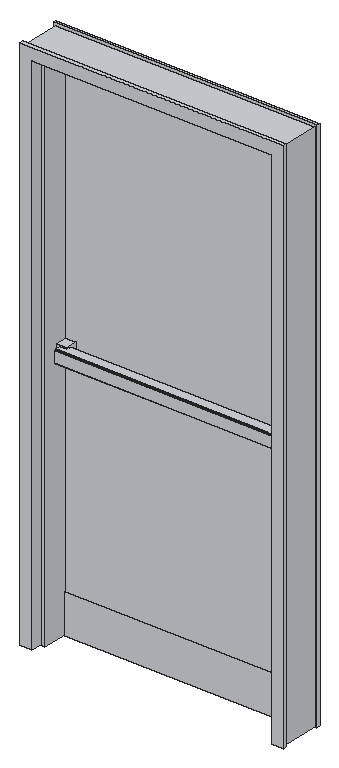
Revit family "BG_DOR_Swing-Single", category Doors, host Wall, Revit 2020
Family settings
  Host = Wall
  OmniClass Number = 23.30.10.00
  OmniClass Title = Doors
  Always vertical = Yes
  Cut with Voids When Loaded = No
  Shared = No
  Room Calculation Point = No
Parameters (values of type "D.SGL - 920x2040")
  Throat I [instance] = (BG_DIM_HostThickness1 / 2) + BG_DIMd_ThroatOffsetI  # 75 mm
  Throat E [instance] = (BG_DIM_HostThickness1 / 2) + BG_DIMd_ThroatOffsetE  # 75 mm
  Panic bar [instance] = yes
  Hinge gap = 3 mm
  Hinge count [instance] = 3
  Function = Interior
  Height = BG_DIMd_LeafHeight1 + BG_DIMd_FrameWidth1  # 2080 mm
  Wall Closure = By host
  Width = BG_DIMd_LeafWidth1 + (2 * BG_DIMd_FrameWidth1)  # 1000 mm
  Frame type [instance] = BG_DORc_DoorFrame-DoubleRebate : Double Rebate
  Closer [instance] = yes
  BG_MATd_ProtectionInt1 [instance] = none
  BG_MATd_ProtectionExt1 [instance] = none
  BG_MATd_LeafInt1 [instance] = none
  BG_MATd_LeafExt1 [instance] = none
  BG_MATd_LeafCore1 = none
  BG_MATd_Hardware1 = none
  BG_MATd_Frame1 = none
  BG_DIMd_Undercut1 [instance] = 0 mm
  BG_DIMd_ThroatOffsetI [instance] = 0 mm
  BG_DIMd_ThroatOffsetE [instance] = 0 mm
  BG_DIMd_Swing3DAngle1 [instance] = 0.00°
  BG_DIMd_ProtectionHeightInt1 [instance] = 150 mm
  BG_DIMd_ProtectionHeightExt1 [instance] = 150 mm
  BG_DIMd_LeafWidth1 = 920 mm
  BG_DIMd_LeafThickness1 = 40 mm
  BG_DIMd_LeafHeight1 = 2040 mm
  BG_DIMd_HandleMountingHeight1 = 1000 mm
  BG_DIMd_HandleInset1 = 50 mm
  BG_DIMd_FrameWidth1 = 40 mm
  BG_DIM_HostThickness1 [instance] = 150 mm
Reference planes
  plane 1: y = 0
  plane 2 "Center (Left/Right)": x = 0
  plane 3 "Left": x = -500
  plane 4 "Right": x = 500
  plane 5: z = 2080
  plane 6 "Exterior": y = 75
  plane 7 "Interior": y = -75
  plane 8: y = 75
  plane 9: y = 87
  plane 10: y = 47
  plane 11 "2": x = 460
  plane 12 "3": x = 463
Lines and regions (mm)
  Opening 1
    outline origin (-3050, -75, 0) x (1, 0, 0) y (0, 0, 1)
      loop
        line (2550, 0) -> (3550, 0) -> (3550, 2080) -> (2550, 2080) -> (2550, 0)
  symbolic lines, style "Elevation Swing"
    curve 1: line (500, -75, 1040) -> (-500, -75, 2080)
    curve 2: line (500, -75, 1040) -> (-500, -75, 0)
Text (mm)
  text "Exterior" at (-2295.016, 1099.543, 0), in view "Ref. Level"
  text "Exterior" at (0, 1615.38, 3698.081), in view "Left"
  text "Exterior" at (0, 1036.032, 3874.932), in view "Right"
Dimensions and locks
  equal spacing: plane 3 "Left", plane 2 "Center (Left/Right)", plane 4 "Right"
  "Width": plane 3 "Left" to plane 4 "Right"
  "Height": plane 5 to host wall
  equal spacing: host wall, curve 2, plane 5
  host wall to plane 5 = 2080 mm
  locked: plane 6 "Exterior" to host wall
  locked: plane 7 "Interior" to host wall
  "BG_DIM_HostThickness1": host wall to host wall
  "BG_DIMd_LeafThickness1": plane 9 to plane 10
  locked: plane 9 to plane 8 at 12
  "BG_DIMd_ThroatOffsetE": plane 8 to plane 6 "Exterior"
  "BG_DIMd_FrameWidth1": plane 11 "2" to plane 4 "Right"
  "Hinge gap": plane 11 "2" to plane 12 "3"
  aligned and locked: plane 3 "Left" to Opening 1 sketch curve
  aligned and locked: plane 5 to Opening 1 sketch curve  (x2)
  aligned and locked: Opening 1 sketch curve to plane 4 "Right"
  aligned and locked: Opening 1 sketch curve to level
  aligned and locked: plane 5 to curve 1
  aligned and locked: plane 3 "Left" to curve 2
  aligned and locked: plane 1 to host wall
  aligned and locked: plane 3 "Left" to curve 1
  aligned and locked: plane 4 "Right" to nested 1
  aligned and locked: plane 1 to nested 1
  aligned and locked: nested 2 to plane 12 "3"
  aligned and locked: nested 2 to plane 9
  aligned and locked: nested 3 to plane 12 "3"
  aligned and locked: nested 3 to plane 9
Automatic sketch dimensions
  plane 4 "Right" to curve 2 = 0 mm
  curve 2 to level = 0 mm
Nested families
  nested 1: "BG_DORc_DoorFrame-DoubleRebate" at (500, 0, 0), Finish <- "BG_MATd_Frame1", Width <- "Width", Height <- "Height", Frame width <- "BG_DIMd_FrameWidth1", type <- "Frame type", Throat E <- "Throat E", Throat I <- "Throat I", Door rebate <- "BG_DIMd_LeafThickness1", Hinge gap <- "Hinge gap", type "Double Rebate"
    with Width 1000 mm, Trim projection V 12 mm, Trim projection H 10 mm, Throat I 75 mm, Throat E 75 mm, Hinge gap 3 mm, Height 2080 mm, Frame width 40 mm, Finish none, Door rebate 40 mm
  nested 2: "BG_DORc_HingeSet-Type1" at (463, 87, 0), Finish <- "BG_MATd_Frame1", Height <- "BG_DIMd_LeafHeight1", Hinge depth <- "BG_DIMd_LeafThickness1", Joint width <- "Hinge gap", Hinge count <- "Hinge count", Angle <- "BG_DIMd_Swing3DAngle1", type "Hinge set", detail levels fine
    with Joint width 3 mm, Hinge thickness 1.5 mm, Hinge spacing 870 mm, Hinge inset 150 mm, Hinge depth 40 mm, Hinge count override 3, Hinge count 3, Height 2040 mm, Finish none, Angle 0.00°
  nested 3: "BG_DORc_Leaf-Type1" at (461.5, 87, 0), Height <- "BG_DIMd_LeafHeight1", Open angle <- "BG_DIMd_Swing3DAngle1", Undercut <- "BG_DIMd_Undercut1", Width <- "BG_DIMd_LeafWidth1", External finish <- "BG_MATd_LeafExt1", Internal finish <- "BG_MATd_LeafInt1", Protection finish ext <- "BG_MATd_ProtectionExt1", Protection finish int <- "BG_MATd_ProtectionInt1", Protection height ext <- "BG_DIMd_ProtectionHeightExt1", Protection height int <- "BG_DIMd_ProtectionHeightInt1", Hardware finish <- "BG_MATd_Hardware1", Handle height <- "BG_DIMd_HandleMountingHeight1", Handle inset <- "BG_DIMd_HandleInset1", Closer <- "Closer", Panic bar <- "Panic bar", type "BG_DORc_Leaf-Type1"
    with Width 920 mm, Undercut 0 mm, Protection height int 150 mm, Protection height ext 150 mm, Protection finish int none, Protection finish ext none, Panic bar yes, Open angle 0.00°, Not panic bar no, Internal finish none, Height 2040 mm, Hardware finish none, Handle inset 50 mm, Handle height 1000 mm, External finish none, Closer yes
Definition of nested family "BG_DORc_DoorFrame-DoubleRebate"
  Parameters (values of type "Double Rebate")
    Width [instance] = 920 mm
    Trim projection V [instance] = 12 mm
    Trim projection H [instance] = 10 mm
    Throat I [instance] = 50 mm
    Throat E [instance] = 50 mm
    Hinge gap [instance] = 3 mm
    Height [instance] = 2040 mm
    Frame width [instance] = 40 mm
    Finish [instance] = none
    Door rebate [instance] = 40 mm
    Default Elevation = 1219.2 mm
  Reference planes
    plane 1 "Center (Front/Back)": y = 0
    plane 2: z = 0
    plane 3 "Right": x = 0
    plane 4 "Left": x = -920
    plane 5: z = 2040
  Forms (mm)
    Sweep 1, solid, material <- "Finish"
      path origin (0, 0, 0) x (1, 0, 0) y (0, 0, 1)
        loop
          line (-920, 0) -> (-920, 2040) -> (0, 2040) -> (0, 0)
      profile "BG_PRF_DoorFrame-DoubleRebate : Double rebate" origin (-920, 0, 1020) x (-1, 0, 0) y (0, -1, 0)
        loop
          line (10, 62) -> (-37, 62) -> (-37, 22) -> (-55.541, 22) -> (-55.541, -22) -> (-37, -22) -> (-37, -62) -> (10, -62) -> (10, -50) -> (0, -50) -> (0, 50) -> (10, 50) -> (10, 62)
  Dimensions and locks
    "Width": plane 4 "Left" to plane 3 "Right"
    "Height": plane 5 to level
    aligned and locked: level to plane 2
    aligned and locked: Sweep 1 sketch curve to plane 4 "Left"
    aligned and locked: Sweep 1 sketch curve to plane 5
    aligned and locked: Sweep 1 sketch curve to plane 3 "Right"
    aligned and locked: level to Sweep 1 sketch curve  (x2)
Definition of nested family "BG_DORc_HingeSet-Type1"
  Parameters (values of type "Hinge set")
    Joint width [instance] = 3 mm
    Hinge thickness [instance] = Joint width / 2  # 1.5 mm
    Hinge spacing [instance] = (Height - (2 * Hinge inset)) / (Hinge count override - 1)  # 780.766 mm
    Hinge inset [instance] = 239.234 mm
    Hinge height = 75 mm
    Hinge depth [instance] = 35 mm
    Hinge count override [instance] = if(Hinge count < 2, 2, Hinge count)  # 3
    Hinge count [instance] = 3
    Height [instance] = 2040 mm
    Finish [instance] = none
    Default Elevation = 1219.2 mm
    Angle [instance] = 45.00°
  Reference planes
    plane 1 "Center (Front/Back)": y = 0
    plane 2: z = 0
    plane 3 "Center (Left/Right)": x = 0
    plane 4: z = 239.234
    plane 5: z = 2040
    plane 6: z = 1020
  Lines and regions (mm)
    model lines
      curve 1: line (0, 0, 0) -> (0, 0, 2040)
  Dimensions and locks
    "Height": plane 5 to level
    "Hinge inset": plane 4 to level
    "Hinge spacing": plane 6 to plane 4
    equal spacing: group 1, group 2, group 3  (x3)
    aligned and locked: level to plane 2
    aligned and locked: plane 4 to nested 1
    aligned and locked: plane 6 to nested 2
    aligned and locked: plane 3 "Center (Left/Right)" to nested 1
    aligned and locked: plane 3 "Center (Left/Right)" to nested 2
    aligned and locked: plane 1 "Center (Front/Back)" to nested 1
    aligned and locked: plane 1 "Center (Front/Back)" to nested 2
    aligned and locked: plane 5 to curve 1
    aligned and locked: level to curve 1
    aligned and locked: plane 3 "Center (Left/Right)" to curve 1
  Nested families
    nested 1: "BG_DORc_Hinge-Type1" at (-1.5, 0, 239.234), Open angle <- "Angle", type "Hinge"
      with Open angle 45.00°, Hinge depth 35 mm, Height 75 mm
    nested 2: "BG_DORc_Hinge-Type1" at (-1.5, 0, 1020), Open angle <- "Angle", type "Hinge"
      with Open angle 45.00°, Hinge depth 35 mm, Height 75 mm
    nested 3: "BG_DORc_Hinge-Type1" at (-1.5, 0, 1800.766), Open angle <- "Angle", type "Hinge"
      with Open angle 45.00°, Hinge depth 35 mm, Height 75 mm
  Definition of nested family "BG_DORc_Hinge-Type1"
    Parameters (values of type "BG_DORc_Hinge-Type1")
      Width = 0 mm  # constant formula
      Rough Width = 0 mm  # constant formula
      Rough Height = 0 mm  # constant formula
      Open angle [instance] = 30.00°
      Hinge thickness = 1.5 mm
      Hinge depth = 40 mm
      Height = 100 mm
      Finish = none
      Default Elevation = 1219.2 mm
    Reference planes
      plane 1 "Front": y = 0
      plane 2 "Center (Elevation)": z = 0
      plane 3 "Center (Left/Right)": x = 0
      plane 4 "Right": x = 1.5
      plane 5: y = -40
      plane 6: z = 50
      plane 7: z = -50
    Forms (mm)
      Extrusion 1, solid, material <- "Finish"
        sketch origin (0, 0, 0) x (0, 1, 0) y (-1, 0, 0)
          loop
            line (0.75, 1.299) -> (-33.891, 21.299) -> (-34.641, 20) -> (0, 0) -> (0.75, 1.299)
        from -50 to 50
      Extrusion 2, solid, material <- "Finish"
        sketch origin (0, 0, 0) x (1, 0, 0) y (0, 1, 0)
          loop
            line (1.5, -40) -> (1.5, 0)
            arc (1.5, 0) -> (1.061, -1.061) -> (0, -1.5) r 1.5
            line (0, -1.5) -> (0, -40) -> (1.5, -40)
        from -50 to 50
      Extrusion 3, solid, material <- "Finish"
        sketch origin (0, 0, 0) x (1, 0, 0) y (0, 1, 0)
          loop
            circle (0, 0) r 1.5
        from -50 to 50
    Cuts and joins
      joined: Extrusion 1, Extrusion 3
    Lines and regions (mm)
      reference lines
        curve 1: line (0, 0, 0) -> (1.5, 0, 0)
        curve 2: line (0, 0, 0) -> (-20, -34.641, 0)
        curve 3: line (0, 0, 0) -> (-1.299, 0.75, 0)
        curve 4: line (-1.299, 0.75, 0) -> (-21.299, -33.891, 0)
        curve 5: line (-20, -34.641, 0) -> (-21.299, -33.891, 0)
    Dimensions and locks
      "Hinge thickness": curve 2 to curve 4
      "Hinge thickness": plane 3 "Center (Left/Right)" to plane 4 "Right"
      "Hinge depth": plane 1 "Front" to plane 5
      "Hinge depth": curve 3 to curve 5
      equal spacing: plane 6, level, plane 7
      "Height": plane 6 to plane 7
      "Hinge thickness": radius of Extrusion 3 sketch curve
      "Hinge thickness": radius of Extrusion 2 sketch curve
      locked: cut or joined group of Extrusion 1, Extrusion 3 to cut or joined group of Extrusion 1, Extrusion 3 (angle 90.00°)
      locked: cut or joined group of Extrusion 1, Extrusion 3 to curve 3 (angle 90.00°)
      "Open angle": angle curve 4 to plane 3 "Center (Left/Right)"
      aligned and locked: level to plane 2 "Center (Elevation)"
      aligned and locked: plane 3 "Center (Left/Right)" to curve 1
      aligned and locked: plane 1 "Front" to curve 1
      aligned and locked: Extrusion 2 sketch curve to plane 4 "Right"
      aligned and locked: Extrusion 2 sketch curve to plane 5
      aligned and locked: plane 4 "Right" to curve 1
      aligned and locked: plane 1 "Front" to Extrusion 3 sketch curve
      aligned and locked: plane 3 "Center (Left/Right)" to Extrusion 2 sketch curve  (x2)
      aligned and locked: plane 3 "Center (Left/Right)" to Extrusion 3 sketch curve
      aligned and locked: plane 1 "Front" to Extrusion 2 sketch curve
      aligned and locked: plane 6 to Extrusion 1
      aligned and locked: plane 6 to Extrusion 3
      aligned and locked: plane 6 to Extrusion 2
      aligned and locked: plane 7 to Extrusion 1
      aligned and locked: plane 7 to Extrusion 2
      aligned and locked: plane 7 to Extrusion 3
      aligned and locked: Extrusion 1 sketch curve to curve 4
      aligned and locked: Extrusion 1 sketch curve to curve 2
      aligned and locked: Extrusion 1 sketch curve to curve 5
      aligned and locked: Extrusion 1 sketch curve to curve 3
Definition of nested family "BG_DORc_Leaf-Type1"
  Parameters (values of type "BG_DORc_Leaf-Type1")
    Width [instance] = 920 mm
    Undercut [instance] = 0 mm
    Rough Width = 0 mm  # constant formula
    Rough Height = 0 mm  # constant formula
    Protection height int [instance] = 150 mm
    Protection height ext [instance] = 150 mm
    Protection finish int [instance] = none
    Protection finish ext [instance] = none
    Panic bar [instance] = yes
    Open angle [instance] = 45.00°
    Not panic bar [instance] = not(Panic bar)  # no
    Internal finish [instance] = none
    Hinge thickness = Hinge gap / 2  # 1.5 mm
    Leaf thickness = 40 mm
    Hinge gap = 3 mm
    Height [instance] = 2040 mm
    Hardware finish [instance] = none
    Handle inset [instance] = 50 mm
    Handle height [instance] = 1000 mm
    Core finish = none
    External finish [instance] = none
    Default Elevation = 1219.2 mm
    Closer [instance] = yes
  Reference planes
    plane 1 "Front": y = 0
    plane 2 "Center (Elevation)": z = 0
    plane 3 "Center (Left/Right)": x = 0
    plane 4 "Right": x = 1.5
    plane 5: y = -40
    plane 6: z = 2040
  Forms (mm)
    Extrusion 1, solid, material <- "Core finish"
      sketch origin (0, 0, 0) x (0, 1, 0) y (-1, 0, 0)
        loop
          line (-27.224, 29.345) -> (1.061, 1.061) -> (651.599, 651.599) -> (623.315, 679.883) -> (-27.224, 29.345)
      from 0 <- "Undercut" to 2040 <- "Height"
  Lines and regions (mm)
    reference lines
      curve 1: line (0, 0, 0) -> (1.5, 0, 0)
      curve 2: line (0, 0, 0) -> (-28.284, -28.284, 0)
      curve 3: line (0, 0, 0) -> (-651.599, 651.599, 0)
      curve 4: line (-1.061, 1.061, 0) -> (-29.345, -27.224, 0)
      curve 5: line (-28.284, -28.284, 0) -> (-679.883, 623.315, 0)
      curve 7: line (-651.599, 651.599, 0) -> (-679.883, 623.315, 0)
      curve 8: line (-644.528, 587.959, 0) -> (-616.244, 616.244, 0)
    model lines
      curve 6: line (1.5, -40, 0) -> (1.5, 0, 0)
  Dimensions and locks
    "Leaf thickness": plane 1 "Front" to plane 5
    "Height": plane 6 to level
    "Hinge thickness": curve 4 to curve 2
    "Hinge thickness": plane 3 "Center (Left/Right)" to plane 4 "Right"
    "Leaf thickness": curve 3 to curve 5
    "Width": curve 7 to curve 4
    "Handle inset": curve 8 to curve 7
    "Open angle": angle curve 2 to plane 3 "Center (Left/Right)"
    locked: curve 2 to curve 5 (angle 90.00°)
    locked: curve 3 to curve 2 (angle 90.00°)
    locked: curve 4 to curve 5 (angle 90.00°)
    locked: curve 5 to curve 7 (angle 90.00°)
    locked: curve 5 to curve 8 (angle 90.00°)
    aligned and locked: level to plane 2 "Center (Elevation)"
    aligned and locked: plane 3 "Center (Left/Right)" to curve 1
    aligned and locked: plane 1 "Front" to curve 1
    aligned and locked: plane 4 "Right" to curve 1
    aligned and locked: plane 1 "Front" to curve 6
    aligned and locked: plane 5 to curve 6
    aligned and locked: curve 6 to plane 4 "Right"
    aligned and locked: Extrusion 1 sketch curve to curve 5
    aligned and locked: Extrusion 1 sketch curve to curve 3
    aligned and locked: curve 7 to Extrusion 1 sketch curve
    aligned and locked: curve 4 to Extrusion 1 sketch curve
    aligned and locked: nested 2 to curve 7
    aligned and locked: nested 1 to curve 4
    aligned and locked: nested 4 to curve 8
    aligned and locked: nested 3 to curve 8
    aligned and locked: curve 4 to nested 5
    aligned and locked: nested 6 to curve 4
  Nested families
    nested 1: "BG_DORc_Protection-Type1" at (-1.061, 1.061, 0) x (-0.7071, 0.7071, 0) z (0.7071, 0.7071, 0), Undercut <- "Undercut", Width <- "Width", Height <- "Protection height ext", Protection finish <- "Protection finish ext", type "Typical", detail levels fine
      with Width 920 mm, Undercut 0 mm, Protection on yes, Protection finish none, Height override 150 mm, Height 150 mm
    nested 2: "BG_DORc_Protection-Type1" at (-679.883, 623.315, 0) x (0.7071, -0.7071, 0) z (-0.7071, -0.7071, 0), Undercut <- "Undercut", Width <- "Width", Height <- "Protection height int", Protection finish <- "Protection finish int", type "Typical", detail levels fine
      with Width 920 mm, Undercut 0 mm, Protection on yes, Protection finish none, Height override 150 mm, Height 150 mm
    nested 3: "BG_DORc_Handle-Type1" at (-616.244, 616.244, 1000) x (0.7071, -0.7071, 0) z (0.7071, 0.7071, 0), built-in parameter 1001360 <- "Handle height", Hardware finish <- "Hardware finish", type "Typical", detail levels fine
      with Width 0 mm, Height 0 mm, Hardware finish none
    nested 4: "BG_DORc_Handle-Type1" at (-644.528, 587.959, 1000) x (0.7071, -0.7071, 0) z (-0.7071, -0.7071, 0), built-in parameter 1001360 <- "Handle height", Hardware finish <- "Hardware finish", visible <- "Not panic bar", type "Typical", detail levels fine
      with Width 0 mm, Height 0 mm, Hardware finish none
    nested 5: "BG_DORc_Panicbar-Type1" at (-29.345, -27.224, 1000) x (0.7071, -0.7071, 0) z (-0.7071, -0.7071, 0), Width <- "Width", Hardware finish <- "Hardware finish", built-in parameter 1001360 <- "Handle height", visible <- "Panic bar", type "Typical", detail levels fine
      with Width 920 mm, Height 0 mm, Hardware finish none
    nested 6: "BG_DORc_Closer-Type1" at (-1.061, 1.061, 2040) x (-0.7071, 0.7071, 0) z (0.7071, 0.7071, 0), Hardware finish <- "Hardware finish", built-in parameter 1001360 <- "Height", visible <- "Closer", type "Typical", detail levels fine
      with Width 0 mm, Height 0 mm, Hardware finish none
  Definition of nested family "BG_DORc_Protection-Type1"
    Parameters (values of type "Typical")
      Width [instance] = 920 mm
      Undercut [instance] = 25 mm
      Thickness = 2 mm
      Protection on [instance] = Height - Undercut > 2 mm  # yes
      Protection finish [instance] = none
      Height override [instance] = if(Height - Undercut > 2 mm, Height, 2 mm)  # 150 mm
      Height [instance] = 150 mm
      Default Elevation = 1219.2 mm
    Reference planes
      plane 1 "Center (Front/Back)": y = 0
      plane 2: z = 0
      plane 3 "Center (Left/Right)": x = 0
      plane 4: x = 920
      plane 5: y = 150
      plane 6: y = 25
    Forms (mm)
      Extrusion 1, solid
        sketch origin (0, 0, 0) x (1, 0, 0) y (0, 1, 0)
          loop
            line (-1219.2, 1219.2) -> (-1219.2, -1219.2) -> (1219.2, -1219.2) -> (1219.2, 1219.2) -> (-1219.2, 1219.2)
        from 0 to -304.8
      Extrusion 2, solid, material <- "Protection finish", visible <- "Protection on"
        sketch origin (0, 0, 0) x (1, 0, 0) y (0, 1, 0)
          loop
            line (0, 150) -> (0, 25) -> (920, 25) -> (920, 150) -> (0, 150)
        from 0 to 2 <- "Thickness"
    Dimensions and locks
      "Height override": plane 1 "Center (Front/Back)" to plane 5
      "Width": plane 3 "Center (Left/Right)" to plane 4
      "Undercut": plane 1 "Center (Front/Back)" to plane 6
      aligned and locked: plane 2 to Extrusion 1
      aligned and locked: level to Extrusion 1
      aligned and locked: Extrusion 2 sketch curve to plane 3 "Center (Left/Right)"
      aligned and locked: Extrusion 2 sketch curve to plane 5
      aligned and locked: Extrusion 2 sketch curve to plane 4
      aligned and locked: Extrusion 2 sketch curve to plane 6
    Automatic sketch dimensions
      Extrusion 1 sketch curve to Extrusion 1 sketch curve = 2438.4 mm  (x2)
  Definition of nested family "BG_DORc_Handle-Type1"
    Parameters (values of type "Typical")
      Width [instance] = 0 mm
      Thickness = 0 mm
      Hardware finish [instance] = none
      Height [instance] = 0 mm
      Default Elevation = 1219.2 mm
    Reference planes
      plane 1 "Center (Front/Back)": y = 0
      plane 2: z = 0
      plane 3 "Center (Left/Right)": x = 0
    Forms (mm)
      Extrusion 1, solid
        sketch origin (0, 0, 0) x (1, 0, 0) y (0, 1, 0)
          loop
            line (-1219.2, 1219.2) -> (-1219.2, -1219.2) -> (1219.2, -1219.2) -> (1219.2, 1219.2) -> (-1219.2, 1219.2)
        from 0 to -304.8
      Extrusion 2, solid, material <- "Hardware finish"
        sketch origin (0, 0, 0) x (1, 0, 0) y (0, 1, 0)
          loop
            line (-22, 55) -> (-22, -117) -> (22, -117) -> (22, 55) -> (-22, 55)
          loop
            line (-4, -77) -> (4, -77) -> (4, -62)
            arc (4, -62) -> (0, -52.496) -> (-4, -62) r 5.594
            line (-4, -62) -> (-4, -77)
        from 0 to 6.964
      Extrusion 3, solid, material <- "Hardware finish"
        sketch origin (0, 0, 0) x (1, 0, 0) y (0, 0, 1)
          loop
            line (-10, 55.503) -> (-10, 6.964) -> (10, 6.964) -> (10, 48.152)
            arc (10, 48.152) -> (66.218, 49.291) -> (121.781, 40.663) r 323.022
            line (121.781, 40.663) -> (124.17, 50.374)
            arc (124.17, 50.374) -> (57.346, 59.77) -> (-10, 55.503) r 333.022
        from -10.044 to 10
      Extrusion 4, solid, material <- "Hardware finish"
        sketch origin (0, 0, 0) x (1, 0, 0) y (0, 1, 0)
          loop
            line (-4, -77) -> (4, -77) -> (4, -62)
            arc (4, -62) -> (0, -52.496) -> (-4, -62) r 5.594
            line (-4, -62) -> (-4, -77)
        from 0 to 4
    Dimensions and locks
      aligned and locked: plane 2 to Extrusion 1
      aligned and locked: level to Extrusion 1
  Definition of nested family "BG_DORc_Panicbar-Type1"
    Parameters (values of type "Typical")
      Width [instance] = 1008.451 mm
      Thickness = 0 mm
      Hardware finish [instance] = none
      Height [instance] = 0 mm
      Default Elevation = 1219.2 mm
    Reference planes
      plane 1 "Center (Front/Back)": y = 0
      plane 2: z = 0
      plane 3 "Right": x = 0
      plane 4 "Panic bar centre": x = -504.225
      plane 5: x = -1008.451
    Forms (mm)
      Extrusion 1, solid
        sketch origin (0, 0, 0) x (1, 0, 0) y (0, 1, 0)
          loop
            line (-1219.2, 1219.2) -> (-1219.2, -1219.2) -> (1219.2, -1219.2) -> (1219.2, 1219.2) -> (-1219.2, 1219.2)
        from 0 to -304.8
      Extrusion 2, solid, material <- "Hardware finish"
        sketch origin (-504.225, 505.426, 1219.2) x (0, 1, 0) y (0, 0, 1)
          loop
            line (-474.926, -1219.2) -> (-474.926, -1174.2) -> (-535.926, -1174.2) -> (-535.926, -1219.2) -> (-474.926, -1219.2)
        from 400 to 438
      Extrusion 3, solid, material <- "Hardware finish"
        sketch origin (-504.225, 505.426, 1219.2) x (0, 1, 0) y (0, 0, 1)
          loop
            line (-474.926, -1219.2) -> (-474.926, -1174.2) -> (-535.926, -1174.2) -> (-535.926, -1219.2) -> (-474.926, -1219.2)
        from -400 to -438
      Extrusion 4, solid, material <- "Hardware finish"
        sketch origin (-504.225, 505.426, 1219.2) x (0, 1, 0) y (0, 0, 1)
          loop
            line (-479.926, -1189.2) -> (-479.926, -1154.2) -> (-484.926, -1154.2) -> (-484.926, -1149.2) -> (-525.926, -1149.2) -> (-525.926, -1154.2) -> (-530.926, -1154.2) -> (-530.926, -1189.2) -> (-479.926, -1189.2)
        from 428 to -428
    Cuts and joins
      joined: Extrusion 2, Extrusion 3, Extrusion 4
    Dimensions and locks
      equal spacing: plane 5, plane 4 "Panic bar centre", plane 3 "Right"
      "Width": plane 5 to plane 3 "Right"
      aligned and locked: plane 2 to Extrusion 1
      aligned and locked: level to Extrusion 1
    Automatic sketch dimensions
      Extrusion 1 sketch curve to Extrusion 1 sketch curve = 2438.4 mm  (x2)
      Extrusion 2 sketch curve to level = 0 mm
      plane 1 "Center (Front/Back)" to Extrusion 2 sketch curve = 30.5 mm
      Extrusion 2 sketch curve to plane 1 "Center (Front/Back)" = 30.5 mm
      Extrusion 2 sketch curve to Extrusion 2 sketch curve = 45 mm
      Extrusion 3 sketch curve to level = 0 mm
      plane 1 "Center (Front/Back)" to Extrusion 3 sketch curve = 30.5 mm
      Extrusion 3 sketch curve to plane 1 "Center (Front/Back)" = 30.5 mm
      Extrusion 3 sketch curve to Extrusion 3 sketch curve = 45 mm
      plane 1 "Center (Front/Back)" to Extrusion 4 sketch curve = 25.5 mm
      Extrusion 4 sketch curve to plane 1 "Center (Front/Back)" = 20.5 mm
      Extrusion 4 sketch curve to plane 1 "Center (Front/Back)" = 25.5 mm
      level to Extrusion 4 sketch curve = 30 mm
      Extrusion 4 sketch curve to Extrusion 4 sketch curve = 35 mm  (x2)
      Extrusion 4 sketch curve to Extrusion 4 sketch curve = 5 mm  (x2)
  Definition of nested family "BG_DORc_Closer-Type1"
    Parameters (values of type "Typical")
      Width [instance] = 1008.451 mm
      Thickness = 0 mm
      Hardware finish [instance] = none
      Height [instance] = 0 mm
      Default Elevation = 1219.2 mm
    Reference planes
      plane 1 "Center (Front/Back)": y = 0
      plane 2: z = 0
      plane 3 "Right": x = 0
      plane 4: x = 114
      plane 5: x = 378
      plane 6: y = -73
    Forms (mm)
      Extrusion 1, solid
        sketch origin (0, 0, 0) x (1, 0, 0) y (0, 1, 0)
          loop
            line (-1219.2, 1219.2) -> (-1219.2, -1219.2) -> (1219.2, -1219.2) -> (1219.2, 1219.2) -> (-1219.2, 1219.2)
        from 0 to -304.8
      Extrusion 2, solid, material <- "Hardware finish"
        sketch origin (0, 0, 0) x (1, 0, 0) y (0, 1, 0)
          loop
            line (114, 0) -> (114, -73) -> (378, -73) -> (378, 0) -> (114, 0)
        from 0 to 44
    Dimensions and locks
      aligned and locked: plane 2 to Extrusion 1
      aligned and locked: level to Extrusion 1
      aligned and locked: plane 1 "Center (Front/Back)" to Extrusion 2 sketch curve
      aligned and locked: Extrusion 2 sketch curve to plane 4
      aligned and locked: plane 6 to Extrusion 2 sketch curve
      aligned and locked: plane 5 to Extrusion 2 sketch curve
